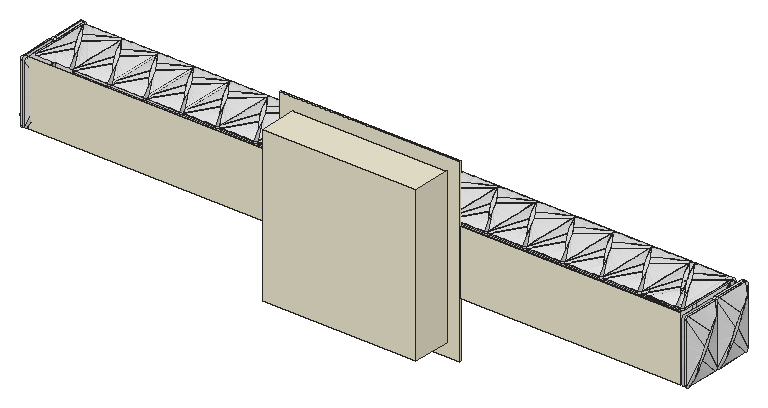
Revit family "3-573-15 Elan", category Luminarias, Revit 2021
Family settings
  Anfitrión = Muro
  Cota de conector redondo = Diámetro de uso
  Tipo de pieza = Normal
  Número OmniClass = 23.80.70.00
  Título OmniClass = Lighting
  Siempre vertical = Sí
  Corte con vacíos al cargar = No
  Origen de luz = Sí
  Compartido = No
  Punto de cálculo de habitación = No
Parameters (values of type "3-xx-24 / Satin Nickel - Matte White Acrylic")
  Elevación por defecto = 0.00"
  Comentarios de vataje = "1 x 10.33 W at 120 V"  # constant formula
  Wattage = 10.33 W
  built-in parameter 1150110 = 1 (stored number, unit not read)
  Voltage Input = "120 V or 277 V - 50/60 Hz"  # constant formula
  Voltage = 120 V
  URL = "www.oxygenlighting.com"
  built-in parameter 1114217 = 1 (stored number, unit not read)
  Tilt Angle = 0.00°
  built-in parameter 1150109 = 1 (stored number, unit not read)
  built-in parameter 1150134 = (empty or 0)
  built-in parameter 1150113 = 1 (stored number, unit not read)
  References = "Ref. 3 = 120 V / Ref. 37 = 277 V"  # constant formula
  Archivo de red fotométrica = "3-573-15 Elan.ies"
  Modelo = "3-xx-xx / Elan"  # constant formula
  Metal Finish = 24 - Satin Nickel
  Fabricante = "Oxygen Lighting and Fans"  # constant formula
  Lumens = 754.09 lm
  built-in parameter 1150115 = 1 (stored number, unit not read)
  built-in parameter 1150105 = 60.009 (stored number, unit not read)
  built-in parameter 1150137 = (empty or 0)
  built-in parameter 1150139 = (empty or 0)
  built-in parameter 1150112 = 1 (stored number, unit not read)
  built-in parameter 1150114 = 1 (stored number, unit not read)
  Lámpara = "LED Array"  # constant formula
  built-in parameter 1150132 = (empty or 0)
  built-in parameter 1150102 = (empty or 0)
  built-in parameter 1150138 = (empty or 0)
  built-in parameter 1150107 = 3000 (stored number, unit not read)
  built-in parameter 1150106 = 0.60009 (stored number, unit not read)
  built-in parameter 1150104 = 6.7819 (stored number, unit not read)
  Dimming Lamp Color Temperature Shift = (empty or 0)
  Diffusers = Matte White Acrylic
  Color Filter = 16777215
  built-in parameter 1114218 = 1 (stored number, unit not read)
  built-in parameter 1150133 = 10 (stored number, unit not read)
Reference planes (in)
  plane 1: y = 0
  plane 2 "Light Source Axis (L/R)": x = 4.92126
  plane 3 "Light Source Axis (F/R)": y = 4.79776
  plane 4 "Light Source Elevation": z = 39
  plane 5: y = 2.95276
  plane 6: z = 41.75
Text (in)
  text "Placement side" at (-70.3598, 43.96769, 0), in view "Ref. Level"
  text "Placement side" at (0, 83.08644, 117.56134), in view "Left"
  text "Placement side" at (0, 24.74324, 118.58137), in view "Right"
Dimensions and locks (in)
  locked: plane 3 "Light Source Axis (F/R)" to plane 5 at 1.845
  locked: plane 6 to plane 4 "Light Source Elevation" at 2.75
  aligned and locked: plane 1 to host wall
  aligned and locked: plane 5 to host wall
  aligned and locked: plane 5 to nested 1
  aligned and locked: plane 3 "Light Source Axis (F/R)" to imposter light
  aligned and locked: nested 1 to plane 4 "Light Source Elevation"
  aligned and locked: plane 6 to imposter light
Nested families (in)
  nested 1: "Family2" at (4.92126, 2.95276, 41.75591) x (-1, 0, 0) z (0, 0, 1), type "Family2"
Definition of nested family "Family2"
  Parameters (values of type "Family2")
    Metal Finish 2 = none
    Metal Finish 1 = none
    Height = 10.00"
    Default Elevation = 0.00"
    Diffuser = none
  Reference planes (in)
    plane 1 "Center (Front/Back)": y = 0
    plane 2: z = 0
    plane 3 "Center (Left/Right)": x = 0
  Forms (in)
    Extrusion 1, solid, material <- "Metal Finish 1"
      sketch origin (0, 0, 0) x (1, 0, 0) y (0, 0, 1)
        loop
          line (-2.75591, 2.75591) -> (-2.75591, -2.75591) -> (2.75591, -2.75591) -> (2.75591, 2.75591) -> (-2.75591, 2.75591)
      from 1.22 to 1.18
    Extrusion 2, solid, material <- "Metal Finish 1"
      sketch origin (0, 0, 0) x (1, 0, 0) y (0, 0, 1)
        loop
          line (-2.3622, 2.3622) -> (-2.3622, -2.3622) -> (2.3622, -2.3622) -> (2.3622, 2.3622) -> (-2.3622, 2.3622)
      from 0 to 1.18
    Blend 3, solid, material <- "Diffuser"
      base sketch origin (-2.49016, 0, 0) x (1, 0, 0) y (0, 0, 1)
        loop
          arc (-5.90551, 0.90551) -> (-5.92857, 0.96119) -> (-5.98425, 0.98425) r 0.07874
          line (-5.98425, 0.98425) -> (-7.00787, 0.98425)
          arc (-7.00787, 0.98425) -> (-7.06355, 0.96119) -> (-7.08661, 0.90551) r 0.07874
          line (-7.08661, 0.90551) -> (-7.08661, -0.90551)
          arc (-7.08661, -0.90551) -> (-7.06355, -0.96119) -> (-7.00787, -0.98425) r 0.07874
          line (-7.00787, -0.98425) -> (-5.98425, -0.98425)
          arc (-5.98425, -0.98425) -> (-5.92857, -0.96119) -> (-5.90551, -0.90551) r 0.07874
          line (-5.90551, -0.90551) -> (-5.90551, 0.90551)
      top sketch origin (-2.49016, 0, 0) x (1, 0, 0) y (0, 0, 1)
        loop
          line (-6.89899, 0.68245) -> (-6.71635, 0.29079) -> (-6.53621, -0.05852) -> (-6.35588, -0.33357) -> (-6.0667, -0.72725) -> (-6.27171, -0.28388) -> (-6.43166, 0.00863) -> (-6.64427, 0.33334) -> (-6.89899, 0.68245)
      from 3.31463 to 3.45242
    Extrusion 4, solid, material <- "Diffuser"
      sketch origin (-2.49016, 0, 0) x (1, 0, 0) y (0, 0, 1)
        loop
          arc (-5.90551, 0.90551) -> (-5.92857, 0.96119) -> (-5.98425, 0.98425) r 0.07874
          line (-5.98425, 0.98425) -> (-7.00787, 0.98425)
          arc (-7.00787, 0.98425) -> (-7.06355, 0.96119) -> (-7.08661, 0.90551) r 0.07874
          line (-7.08661, 0.90551) -> (-7.08661, -0.90551)
          arc (-7.08661, -0.90551) -> (-7.06355, -0.96119) -> (-7.00787, -0.98425) r 0.07874
          line (-7.00787, -0.98425) -> (-5.98425, -0.98425)
          arc (-5.98425, -0.98425) -> (-5.92857, -0.96119) -> (-5.90551, -0.90551) r 0.07874
          line (-5.90551, -0.90551) -> (-5.90551, 0.90551)
      from 3.25557 to 3.31463
    Blend 5, solid, material <- "Diffuser"
      base sketch origin (1.1811, 0, 0) x (1, 0, 0) y (0, 0, 1)
        loop
          arc (-5.90551, 0.90551) -> (-5.92857, 0.96119) -> (-5.98425, 0.98425) r 0.07874
          line (-5.98425, 0.98425) -> (-7.00787, 0.98425)
          arc (-7.00787, 0.98425) -> (-7.06355, 0.96119) -> (-7.08661, 0.90551) r 0.07874
          line (-7.08661, 0.90551) -> (-7.08661, -0.90551)
          arc (-7.08661, -0.90551) -> (-7.06355, -0.96119) -> (-7.00787, -0.98425) r 0.07874
          line (-7.00787, -0.98425) -> (-5.98425, -0.98425)
          arc (-5.98425, -0.98425) -> (-5.92857, -0.96119) -> (-5.90551, -0.90551) r 0.07874
          line (-5.90551, -0.90551) -> (-5.90551, 0.90551)
      top sketch origin (1.1811, 0, 0) x (1, 0, 0) y (0, 0, 1)
        loop
          line (-6.89899, 0.68245) -> (-6.71635, 0.29079) -> (-6.53621, -0.05852) -> (-6.35588, -0.33357) -> (-6.0667, -0.72725) -> (-6.27171, -0.28388) -> (-6.43166, 0.00863) -> (-6.64427, 0.33334) -> (-6.89899, 0.68245)
      from 3.31463 to 3.45242
    Extrusion 6, solid, material <- "Diffuser"
      sketch origin (1.1811, 0, 0) x (1, 0, 0) y (0, 0, 1)
        loop
          arc (-5.90551, 0.90551) -> (-5.92857, 0.96119) -> (-5.98425, 0.98425) r 0.07874
          line (-5.98425, 0.98425) -> (-7.00787, 0.98425)
          arc (-7.00787, 0.98425) -> (-7.06355, 0.96119) -> (-7.08661, 0.90551) r 0.07874
          line (-7.08661, 0.90551) -> (-7.08661, -0.90551)
          arc (-7.08661, -0.90551) -> (-7.06355, -0.96119) -> (-7.00787, -0.98425) r 0.07874
          line (-7.00787, -0.98425) -> (-5.98425, -0.98425)
          arc (-5.98425, -0.98425) -> (-5.92857, -0.96119) -> (-5.90551, -0.90551) r 0.07874
          line (-5.90551, -0.90551) -> (-5.90551, 0.90551)
      from 3.25557 to 3.31463
    Blend 7, solid, material <- "Diffuser"
      base sketch origin (2.3622, 0, 0) x (1, 0, 0) y (0, 0, 1)
        loop
          arc (-5.90551, 0.90551) -> (-5.92857, 0.96119) -> (-5.98425, 0.98425) r 0.07874
          line (-5.98425, 0.98425) -> (-7.00787, 0.98425)
          arc (-7.00787, 0.98425) -> (-7.06355, 0.96119) -> (-7.08661, 0.90551) r 0.07874
          line (-7.08661, 0.90551) -> (-7.08661, -0.90551)
          arc (-7.08661, -0.90551) -> (-7.06355, -0.96119) -> (-7.00787, -0.98425) r 0.07874
          line (-7.00787, -0.98425) -> (-5.98425, -0.98425)
          arc (-5.98425, -0.98425) -> (-5.92857, -0.96119) -> (-5.90551, -0.90551) r 0.07874
          line (-5.90551, -0.90551) -> (-5.90551, 0.90551)
      top sketch origin (2.3622, 0, 0) x (1, 0, 0) y (0, 0, 1)
        loop
          line (-6.89899, 0.68245) -> (-6.71635, 0.29079) -> (-6.53621, -0.05852) -> (-6.35588, -0.33357) -> (-6.0667, -0.72725) -> (-6.27171, -0.28388) -> (-6.43166, 0.00863) -> (-6.64427, 0.33334) -> (-6.89899, 0.68245)
      from 3.31463 to 3.45242
    Extrusion 8, solid, material <- "Diffuser"
      sketch origin (2.3622, 0, 0) x (1, 0, 0) y (0, 0, 1)
        loop
          arc (-5.90551, 0.90551) -> (-5.92857, 0.96119) -> (-5.98425, 0.98425) r 0.07874
          line (-5.98425, 0.98425) -> (-7.00787, 0.98425)
          arc (-7.00787, 0.98425) -> (-7.06355, 0.96119) -> (-7.08661, 0.90551) r 0.07874
          line (-7.08661, 0.90551) -> (-7.08661, -0.90551)
          arc (-7.08661, -0.90551) -> (-7.06355, -0.96119) -> (-7.00787, -0.98425) r 0.07874
          line (-7.00787, -0.98425) -> (-5.98425, -0.98425)
          arc (-5.98425, -0.98425) -> (-5.92857, -0.96119) -> (-5.90551, -0.90551) r 0.07874
          line (-5.90551, -0.90551) -> (-5.90551, 0.90551)
      from 3.25557 to 3.31463
    Blend 9, solid, material <- "Diffuser"
      base sketch origin (3.54331, 0, 0) x (1, 0, 0) y (0, 0, 1)
        loop
          arc (-5.90551, 0.90551) -> (-5.92857, 0.96119) -> (-5.98425, 0.98425) r 0.07874
          line (-5.98425, 0.98425) -> (-7.00787, 0.98425)
          arc (-7.00787, 0.98425) -> (-7.06355, 0.96119) -> (-7.08661, 0.90551) r 0.07874
          line (-7.08661, 0.90551) -> (-7.08661, -0.90551)
          arc (-7.08661, -0.90551) -> (-7.06355, -0.96119) -> (-7.00787, -0.98425) r 0.07874
          line (-7.00787, -0.98425) -> (-5.98425, -0.98425)
          arc (-5.98425, -0.98425) -> (-5.92857, -0.96119) -> (-5.90551, -0.90551) r 0.07874
          line (-5.90551, -0.90551) -> (-5.90551, 0.90551)
      top sketch origin (3.54331, 0, 0) x (1, 0, 0) y (0, 0, 1)
        loop
          line (-6.89899, 0.68245) -> (-6.71635, 0.29079) -> (-6.53621, -0.05852) -> (-6.35588, -0.33357) -> (-6.0667, -0.72725) -> (-6.27171, -0.28388) -> (-6.43166, 0.00863) -> (-6.64427, 0.33334) -> (-6.89899, 0.68245)
      from 3.31463 to 3.45242
    Extrusion 10, solid, material <- "Diffuser"
      sketch origin (3.54331, 0, 0) x (1, 0, 0) y (0, 0, 1)
        loop
          arc (-5.90551, 0.90551) -> (-5.92857, 0.96119) -> (-5.98425, 0.98425) r 0.07874
          line (-5.98425, 0.98425) -> (-7.00787, 0.98425)
          arc (-7.00787, 0.98425) -> (-7.06355, 0.96119) -> (-7.08661, 0.90551) r 0.07874
          line (-7.08661, 0.90551) -> (-7.08661, -0.90551)
          arc (-7.08661, -0.90551) -> (-7.06355, -0.96119) -> (-7.00787, -0.98425) r 0.07874
          line (-7.00787, -0.98425) -> (-5.98425, -0.98425)
          arc (-5.98425, -0.98425) -> (-5.92857, -0.96119) -> (-5.90551, -0.90551) r 0.07874
          line (-5.90551, -0.90551) -> (-5.90551, 0.90551)
      from 3.25557 to 3.31463
    Blend 11, solid, material <- "Diffuser"
      base sketch origin (4.72441, 0, 0) x (1, 0, 0) y (0, 0, 1)
        loop
          arc (-5.90551, 0.90551) -> (-5.92857, 0.96119) -> (-5.98425, 0.98425) r 0.07874
          line (-5.98425, 0.98425) -> (-7.00787, 0.98425)
          arc (-7.00787, 0.98425) -> (-7.06355, 0.96119) -> (-7.08661, 0.90551) r 0.07874
          line (-7.08661, 0.90551) -> (-7.08661, -0.90551)
          arc (-7.08661, -0.90551) -> (-7.06355, -0.96119) -> (-7.00787, -0.98425) r 0.07874
          line (-7.00787, -0.98425) -> (-5.98425, -0.98425)
          arc (-5.98425, -0.98425) -> (-5.92857, -0.96119) -> (-5.90551, -0.90551) r 0.07874
          line (-5.90551, -0.90551) -> (-5.90551, 0.90551)
      top sketch origin (4.72441, 0, 0) x (1, 0, 0) y (0, 0, 1)
        loop
          line (-6.89899, 0.68245) -> (-6.71635, 0.29079) -> (-6.53621, -0.05852) -> (-6.35588, -0.33357) -> (-6.0667, -0.72725) -> (-6.27171, -0.28388) -> (-6.43166, 0.00863) -> (-6.64427, 0.33334) -> (-6.89899, 0.68245)
      from 3.31463 to 3.45242
    Extrusion 12, solid, material <- "Diffuser"
      sketch origin (4.72441, 0, 0) x (1, 0, 0) y (0, 0, 1)
        loop
          arc (-5.90551, 0.90551) -> (-5.92857, 0.96119) -> (-5.98425, 0.98425) r 0.07874
          line (-5.98425, 0.98425) -> (-7.00787, 0.98425)
          arc (-7.00787, 0.98425) -> (-7.06355, 0.96119) -> (-7.08661, 0.90551) r 0.07874
          line (-7.08661, 0.90551) -> (-7.08661, -0.90551)
          arc (-7.08661, -0.90551) -> (-7.06355, -0.96119) -> (-7.00787, -0.98425) r 0.07874
          line (-7.00787, -0.98425) -> (-5.98425, -0.98425)
          arc (-5.98425, -0.98425) -> (-5.92857, -0.96119) -> (-5.90551, -0.90551) r 0.07874
          line (-5.90551, -0.90551) -> (-5.90551, 0.90551)
      from 3.25557 to 3.31463
    Blend 13, solid, material <- "Diffuser"
      base sketch origin (5.90551, 0, 0) x (1, 0, 0) y (0, 0, 1)
        loop
          arc (-5.90551, 0.90551) -> (-5.92857, 0.96119) -> (-5.98425, 0.98425) r 0.07874
          line (-5.98425, 0.98425) -> (-7.00787, 0.98425)
          arc (-7.00787, 0.98425) -> (-7.06355, 0.96119) -> (-7.08661, 0.90551) r 0.07874
          line (-7.08661, 0.90551) -> (-7.08661, -0.90551)
          arc (-7.08661, -0.90551) -> (-7.06355, -0.96119) -> (-7.00787, -0.98425) r 0.07874
          line (-7.00787, -0.98425) -> (-5.98425, -0.98425)
          arc (-5.98425, -0.98425) -> (-5.92857, -0.96119) -> (-5.90551, -0.90551) r 0.07874
          line (-5.90551, -0.90551) -> (-5.90551, 0.90551)
      top sketch origin (5.90551, 0, 0) x (1, 0, 0) y (0, 0, 1)
        loop
          line (-6.89899, 0.68245) -> (-6.71635, 0.29079) -> (-6.53621, -0.05852) -> (-6.35588, -0.33357) -> (-6.0667, -0.72725) -> (-6.27171, -0.28388) -> (-6.43166, 0.00863) -> (-6.64427, 0.33334) -> (-6.89899, 0.68245)
      from 3.31463 to 3.45242
    Extrusion 14, solid, material <- "Diffuser"
      sketch origin (5.90551, 0, 0) x (1, 0, 0) y (0, 0, 1)
        loop
          arc (-5.90551, 0.90551) -> (-5.92857, 0.96119) -> (-5.98425, 0.98425) r 0.07874
          line (-5.98425, 0.98425) -> (-7.00787, 0.98425)
          arc (-7.00787, 0.98425) -> (-7.06355, 0.96119) -> (-7.08661, 0.90551) r 0.07874
          line (-7.08661, 0.90551) -> (-7.08661, -0.90551)
          arc (-7.08661, -0.90551) -> (-7.06355, -0.96119) -> (-7.00787, -0.98425) r 0.07874
          line (-7.00787, -0.98425) -> (-5.98425, -0.98425)
          arc (-5.98425, -0.98425) -> (-5.92857, -0.96119) -> (-5.90551, -0.90551) r 0.07874
          line (-5.90551, -0.90551) -> (-5.90551, 0.90551)
      from 3.25557 to 3.31463
    Blend 15, solid, material <- "Diffuser"
      base sketch origin (7.08661, 0, 0) x (1, 0, 0) y (0, 0, 1)
        loop
          arc (-5.90551, 0.90551) -> (-5.92857, 0.96119) -> (-5.98425, 0.98425) r 0.07874
          line (-5.98425, 0.98425) -> (-7.00787, 0.98425)
          arc (-7.00787, 0.98425) -> (-7.06355, 0.96119) -> (-7.08661, 0.90551) r 0.07874
          line (-7.08661, 0.90551) -> (-7.08661, -0.90551)
          arc (-7.08661, -0.90551) -> (-7.06355, -0.96119) -> (-7.00787, -0.98425) r 0.07874
          line (-7.00787, -0.98425) -> (-5.98425, -0.98425)
          arc (-5.98425, -0.98425) -> (-5.92857, -0.96119) -> (-5.90551, -0.90551) r 0.07874
          line (-5.90551, -0.90551) -> (-5.90551, 0.90551)
      top sketch origin (7.08661, 0, 0) x (1, 0, 0) y (0, 0, 1)
        loop
          line (-6.89899, 0.68245) -> (-6.71635, 0.29079) -> (-6.53621, -0.05852) -> (-6.35588, -0.33357) -> (-6.0667, -0.72725) -> (-6.27171, -0.28388) -> (-6.43166, 0.00863) -> (-6.64427, 0.33334) -> (-6.89899, 0.68245)
      from 3.31463 to 3.45242
    Extrusion 16, solid, material <- "Diffuser"
      sketch origin (7.08661, 0, 0) x (1, 0, 0) y (0, 0, 1)
        loop
          arc (-5.90551, 0.90551) -> (-5.92857, 0.96119) -> (-5.98425, 0.98425) r 0.07874
          line (-5.98425, 0.98425) -> (-7.00787, 0.98425)
          arc (-7.00787, 0.98425) -> (-7.06355, 0.96119) -> (-7.08661, 0.90551) r 0.07874
          line (-7.08661, 0.90551) -> (-7.08661, -0.90551)
          arc (-7.08661, -0.90551) -> (-7.06355, -0.96119) -> (-7.00787, -0.98425) r 0.07874
          line (-7.00787, -0.98425) -> (-5.98425, -0.98425)
          arc (-5.98425, -0.98425) -> (-5.92857, -0.96119) -> (-5.90551, -0.90551) r 0.07874
          line (-5.90551, -0.90551) -> (-5.90551, 0.90551)
      from 3.25557 to 3.31463
    Blend 17, solid, material <- "Diffuser"
      base sketch origin (8.26772, 0, 0) x (1, 0, 0) y (0, 0, 1)
        loop
          arc (-5.90551, 0.90551) -> (-5.92857, 0.96119) -> (-5.98425, 0.98425) r 0.07874
          line (-5.98425, 0.98425) -> (-7.00787, 0.98425)
          arc (-7.00787, 0.98425) -> (-7.06355, 0.96119) -> (-7.08661, 0.90551) r 0.07874
          line (-7.08661, 0.90551) -> (-7.08661, -0.90551)
          arc (-7.08661, -0.90551) -> (-7.06355, -0.96119) -> (-7.00787, -0.98425) r 0.07874
          line (-7.00787, -0.98425) -> (-5.98425, -0.98425)
          arc (-5.98425, -0.98425) -> (-5.92857, -0.96119) -> (-5.90551, -0.90551) r 0.07874
          line (-5.90551, -0.90551) -> (-5.90551, 0.90551)
      top sketch origin (8.26772, 0, 0) x (1, 0, 0) y (0, 0, 1)
        loop
          line (-6.89899, 0.68245) -> (-6.71635, 0.29079) -> (-6.53621, -0.05852) -> (-6.35588, -0.33357) -> (-6.0667, -0.72725) -> (-6.27171, -0.28388) -> (-6.43166, 0.00863) -> (-6.64427, 0.33334) -> (-6.89899, 0.68245)
      from 3.31463 to 3.45242
    Extrusion 18, solid, material <- "Diffuser"
      sketch origin (8.26772, 0, 0) x (1, 0, 0) y (0, 0, 1)
        loop
          arc (-5.90551, 0.90551) -> (-5.92857, 0.96119) -> (-5.98425, 0.98425) r 0.07874
          line (-5.98425, 0.98425) -> (-7.00787, 0.98425)
          arc (-7.00787, 0.98425) -> (-7.06355, 0.96119) -> (-7.08661, 0.90551) r 0.07874
          line (-7.08661, 0.90551) -> (-7.08661, -0.90551)
          arc (-7.08661, -0.90551) -> (-7.06355, -0.96119) -> (-7.00787, -0.98425) r 0.07874
          line (-7.00787, -0.98425) -> (-5.98425, -0.98425)
          arc (-5.98425, -0.98425) -> (-5.92857, -0.96119) -> (-5.90551, -0.90551) r 0.07874
          line (-5.90551, -0.90551) -> (-5.90551, 0.90551)
      from 3.25557 to 3.31463
    Blend 19, solid, material <- "Diffuser"
      base sketch origin (9.44882, 0, 0) x (1, 0, 0) y (0, 0, 1)
        loop
          arc (-5.90551, 0.90551) -> (-5.92857, 0.96119) -> (-5.98425, 0.98425) r 0.07874
          line (-5.98425, 0.98425) -> (-7.00787, 0.98425)
          arc (-7.00787, 0.98425) -> (-7.06355, 0.96119) -> (-7.08661, 0.90551) r 0.07874
          line (-7.08661, 0.90551) -> (-7.08661, -0.90551)
          arc (-7.08661, -0.90551) -> (-7.06355, -0.96119) -> (-7.00787, -0.98425) r 0.07874
          line (-7.00787, -0.98425) -> (-5.98425, -0.98425)
          arc (-5.98425, -0.98425) -> (-5.92857, -0.96119) -> (-5.90551, -0.90551) r 0.07874
          line (-5.90551, -0.90551) -> (-5.90551, 0.90551)
      top sketch origin (9.44882, 0, 0) x (1, 0, 0) y (0, 0, 1)
        loop
          line (-6.89899, 0.68245) -> (-6.71635, 0.29079) -> (-6.53621, -0.05852) -> (-6.35588, -0.33357) -> (-6.0667, -0.72725) -> (-6.27171, -0.28388) -> (-6.43166, 0.00863) -> (-6.64427, 0.33334) -> (-6.89899, 0.68245)
      from 3.31463 to 3.45242
    Extrusion 20, solid, material <- "Diffuser"
      sketch origin (9.44882, 0, 0) x (1, 0, 0) y (0, 0, 1)
        loop
          arc (-5.90551, 0.90551) -> (-5.92857, 0.96119) -> (-5.98425, 0.98425) r 0.07874
          line (-5.98425, 0.98425) -> (-7.00787, 0.98425)
          arc (-7.00787, 0.98425) -> (-7.06355, 0.96119) -> (-7.08661, 0.90551) r 0.07874
          line (-7.08661, 0.90551) -> (-7.08661, -0.90551)
          arc (-7.08661, -0.90551) -> (-7.06355, -0.96119) -> (-7.00787, -0.98425) r 0.07874
          line (-7.00787, -0.98425) -> (-5.98425, -0.98425)
          arc (-5.98425, -0.98425) -> (-5.92857, -0.96119) -> (-5.90551, -0.90551) r 0.07874
          line (-5.90551, -0.90551) -> (-5.90551, 0.90551)
      from 3.25557 to 3.31463
    Blend 21, solid, material <- "Diffuser"
      base sketch origin (10.62992, 0, 0) x (1, 0, 0) y (0, 0, 1)
        loop
          arc (-5.90551, 0.90551) -> (-5.92857, 0.96119) -> (-5.98425, 0.98425) r 0.07874
          line (-5.98425, 0.98425) -> (-7.00787, 0.98425)
          arc (-7.00787, 0.98425) -> (-7.06355, 0.96119) -> (-7.08661, 0.90551) r 0.07874
          line (-7.08661, 0.90551) -> (-7.08661, -0.90551)
          arc (-7.08661, -0.90551) -> (-7.06355, -0.96119) -> (-7.00787, -0.98425) r 0.07874
          line (-7.00787, -0.98425) -> (-5.98425, -0.98425)
          arc (-5.98425, -0.98425) -> (-5.92857, -0.96119) -> (-5.90551, -0.90551) r 0.07874
          line (-5.90551, -0.90551) -> (-5.90551, 0.90551)
      top sketch origin (10.62992, 0, 0) x (1, 0, 0) y (0, 0, 1)
        loop
          line (-6.89899, 0.68245) -> (-6.71635, 0.29079) -> (-6.53621, -0.05852) -> (-6.35588, -0.33357) -> (-6.0667, -0.72725) -> (-6.27171, -0.28388) -> (-6.43166, 0.00863) -> (-6.64427, 0.33334) -> (-6.89899, 0.68245)
      from 3.31463 to 3.45242
    Extrusion 22, solid, material <- "Diffuser"
      sketch origin (10.62992, 0, 0) x (1, 0, 0) y (0, 0, 1)
        loop
          arc (-5.90551, 0.90551) -> (-5.92857, 0.96119) -> (-5.98425, 0.98425) r 0.07874
          line (-5.98425, 0.98425) -> (-7.00787, 0.98425)
          arc (-7.00787, 0.98425) -> (-7.06355, 0.96119) -> (-7.08661, 0.90551) r 0.07874
          line (-7.08661, 0.90551) -> (-7.08661, -0.90551)
          arc (-7.08661, -0.90551) -> (-7.06355, -0.96119) -> (-7.00787, -0.98425) r 0.07874
          line (-7.00787, -0.98425) -> (-5.98425, -0.98425)
          arc (-5.98425, -0.98425) -> (-5.92857, -0.96119) -> (-5.90551, -0.90551) r 0.07874
          line (-5.90551, -0.90551) -> (-5.90551, 0.90551)
      from 3.25557 to 3.31463
    Blend 23, solid, material <- "Diffuser"
      base sketch origin (11.81102, 0, 0) x (1, 0, 0) y (0, 0, 1)
        loop
          arc (-5.90551, 0.90551) -> (-5.92857, 0.96119) -> (-5.98425, 0.98425) r 0.07874
          line (-5.98425, 0.98425) -> (-7.00787, 0.98425)
          arc (-7.00787, 0.98425) -> (-7.06355, 0.96119) -> (-7.08661, 0.90551) r 0.07874
          line (-7.08661, 0.90551) -> (-7.08661, -0.90551)
          arc (-7.08661, -0.90551) -> (-7.06355, -0.96119) -> (-7.00787, -0.98425) r 0.07874
          line (-7.00787, -0.98425) -> (-5.98425, -0.98425)
          arc (-5.98425, -0.98425) -> (-5.92857, -0.96119) -> (-5.90551, -0.90551) r 0.07874
          line (-5.90551, -0.90551) -> (-5.90551, 0.90551)
      top sketch origin (11.81102, 0, 0) x (1, 0, 0) y (0, 0, 1)
        loop
          line (-6.89899, 0.68245) -> (-6.71635, 0.29079) -> (-6.53621, -0.05852) -> (-6.35588, -0.33357) -> (-6.0667, -0.72725) -> (-6.27171, -0.28388) -> (-6.43166, 0.00863) -> (-6.64427, 0.33334) -> (-6.89899, 0.68245)
      from 3.31463 to 3.45242
    Extrusion 24, solid, material <- "Diffuser"
      sketch origin (11.81102, 0, 0) x (1, 0, 0) y (0, 0, 1)
        loop
          arc (-5.90551, 0.90551) -> (-5.92857, 0.96119) -> (-5.98425, 0.98425) r 0.07874
          line (-5.98425, 0.98425) -> (-7.00787, 0.98425)
          arc (-7.00787, 0.98425) -> (-7.06355, 0.96119) -> (-7.08661, 0.90551) r 0.07874
          line (-7.08661, 0.90551) -> (-7.08661, -0.90551)
          arc (-7.08661, -0.90551) -> (-7.06355, -0.96119) -> (-7.00787, -0.98425) r 0.07874
          line (-7.00787, -0.98425) -> (-5.98425, -0.98425)
          arc (-5.98425, -0.98425) -> (-5.92857, -0.96119) -> (-5.90551, -0.90551) r 0.07874
          line (-5.90551, -0.90551) -> (-5.90551, 0.90551)
      from 3.25557 to 3.31463
    Blend 25, solid, material <- "Diffuser"
      base sketch origin (16.29921, 0, 0) x (1, 0, 0) y (0, 0, 1)
        loop
          arc (-5.90551, 0.90551) -> (-5.92857, 0.96119) -> (-5.98425, 0.98425) r 0.07874
          line (-5.98425, 0.98425) -> (-7.00787, 0.98425)
          arc (-7.00787, 0.98425) -> (-7.06355, 0.96119) -> (-7.08661, 0.90551) r 0.07874
          line (-7.08661, 0.90551) -> (-7.08661, -0.90551)
          arc (-7.08661, -0.90551) -> (-7.06355, -0.96119) -> (-7.00787, -0.98425) r 0.07874
          line (-7.00787, -0.98425) -> (-5.98425, -0.98425)
          arc (-5.98425, -0.98425) -> (-5.92857, -0.96119) -> (-5.90551, -0.90551) r 0.07874
          line (-5.90551, -0.90551) -> (-5.90551, 0.90551)
      top sketch origin (16.29921, 0, 0) x (1, 0, 0) y (0, 0, 1)
        loop
          line (-6.89899, 0.68245) -> (-6.71635, 0.29079) -> (-6.53621, -0.05852) -> (-6.35588, -0.33357) -> (-6.0667, -0.72725) -> (-6.27171, -0.28388) -> (-6.43166, 0.00863) -> (-6.64427, 0.33334) -> (-6.89899, 0.68245)
      from 3.31463 to 3.45242
    Blend 26, solid, material <- "Diffuser"
      base sketch origin (7.34561, 3.65083, 0) x (0, 1, 0) y (0, 0, 1)
        loop
          arc (-5.90551, 0.90551) -> (-5.92857, 0.96119) -> (-5.98425, 0.98425) r 0.07874
          line (-5.98425, 0.98425) -> (-7.00787, 0.98425)
          arc (-7.00787, 0.98425) -> (-7.06355, 0.96119) -> (-7.08661, 0.90551) r 0.07874
          line (-7.08661, 0.90551) -> (-7.08661, -0.90551)
          arc (-7.08661, -0.90551) -> (-7.06355, -0.96119) -> (-7.00787, -0.98425) r 0.07874
          line (-7.00787, -0.98425) -> (-5.98425, -0.98425)
          arc (-5.98425, -0.98425) -> (-5.92857, -0.96119) -> (-5.90551, -0.90551) r 0.07874
          line (-5.90551, -0.90551) -> (-5.90551, 0.90551)
      top sketch origin (7.34561, 3.65083, 0) x (0, 1, 0) y (0, 0, 1)
        loop
          line (-6.89899, 0.68245) -> (-6.71635, 0.29079) -> (-6.53621, -0.05852) -> (-6.35588, -0.33357) -> (-6.0667, -0.72725) -> (-6.27171, -0.28388) -> (-6.43166, 0.00863) -> (-6.64427, 0.33334) -> (-6.89899, 0.68245)
      from 3.31463 to 3.45242
    Blend 27, solid, material <- "Diffuser"
      base sketch origin (7.34561, 4.83194, 0) x (0, 1, 0) y (0, 0, 1)
        loop
          arc (-5.90551, 0.90551) -> (-5.92857, 0.96119) -> (-5.98425, 0.98425) r 0.07874
          line (-5.98425, 0.98425) -> (-7.00787, 0.98425)
          arc (-7.00787, 0.98425) -> (-7.06355, 0.96119) -> (-7.08661, 0.90551) r 0.07874
          line (-7.08661, 0.90551) -> (-7.08661, -0.90551)
          arc (-7.08661, -0.90551) -> (-7.06355, -0.96119) -> (-7.00787, -0.98425) r 0.07874
          line (-7.00787, -0.98425) -> (-5.98425, -0.98425)
          arc (-5.98425, -0.98425) -> (-5.92857, -0.96119) -> (-5.90551, -0.90551) r 0.07874
          line (-5.90551, -0.90551) -> (-5.90551, 0.90551)
      top sketch origin (7.34561, 4.83194, 0) x (0, 1, 0) y (0, 0, 1)
        loop
          line (-6.89899, 0.68245) -> (-6.71635, 0.29079) -> (-6.53621, -0.05852) -> (-6.35588, -0.33357) -> (-6.0667, -0.72725) -> (-6.27171, -0.28388) -> (-6.43166, 0.00863) -> (-6.64427, 0.33334) -> (-6.89899, 0.68245)
      from 3.31463 to 3.45242
    Extrusion 28, solid, material <- "Diffuser"
      sketch origin (7.34561, 3.65083, 0) x (0, 1, 0) y (0, 0, 1)
        loop
          arc (-5.90551, 0.90551) -> (-5.92857, 0.96119) -> (-5.98425, 0.98425) r 0.07874
          line (-5.98425, 0.98425) -> (-7.00787, 0.98425)
          arc (-7.00787, 0.98425) -> (-7.06355, 0.96119) -> (-7.08661, 0.90551) r 0.07874
          line (-7.08661, 0.90551) -> (-7.08661, -0.90551)
          arc (-7.08661, -0.90551) -> (-7.06355, -0.96119) -> (-7.00787, -0.98425) r 0.07874
          line (-7.00787, -0.98425) -> (-5.98425, -0.98425)
          arc (-5.98425, -0.98425) -> (-5.92857, -0.96119) -> (-5.90551, -0.90551) r 0.07874
          line (-5.90551, -0.90551) -> (-5.90551, 0.90551)
      from 3.25557 to 3.31463
    Extrusion 29, solid, material <- "Diffuser"
      sketch origin (7.34561, 4.83194, 0) x (0, 1, 0) y (0, 0, 1)
        loop
          arc (-5.90551, 0.90551) -> (-5.92857, 0.96119) -> (-5.98425, 0.98425) r 0.07874
          line (-5.98425, 0.98425) -> (-7.00787, 0.98425)
          arc (-7.00787, 0.98425) -> (-7.06355, 0.96119) -> (-7.08661, 0.90551) r 0.07874
          line (-7.08661, 0.90551) -> (-7.08661, -0.90551)
          arc (-7.08661, -0.90551) -> (-7.06355, -0.96119) -> (-7.00787, -0.98425) r 0.07874
          line (-7.00787, -0.98425) -> (-5.98425, -0.98425)
          arc (-5.98425, -0.98425) -> (-5.92857, -0.96119) -> (-5.90551, -0.90551) r 0.07874
          line (-5.90551, -0.90551) -> (-5.90551, 0.90551)
      from 3.25557 to 3.31463
    Blend 30, solid, material <- "Diffuser"
      base sketch origin (13.83443, 3.65083, 0) x (0, 1, 0) y (0, 0, -1)
        loop
          line (-5.90551, -0.90551) -> (-5.90551, 0.90551)
          arc (-5.90551, 0.90551) -> (-5.92857, 0.96119) -> (-5.98425, 0.98425) r 0.07874
          line (-5.98425, 0.98425) -> (-7.00787, 0.98425)
          arc (-7.00787, 0.98425) -> (-7.06355, 0.96119) -> (-7.08661, 0.90551) r 0.07874
          line (-7.08661, 0.90551) -> (-7.08661, -0.90551)
          arc (-7.08661, -0.90551) -> (-7.06355, -0.96119) -> (-7.00787, -0.98425) r 0.07874
          line (-7.00787, -0.98425) -> (-5.98425, -0.98425)
          arc (-5.98425, -0.98425) -> (-5.92857, -0.96119) -> (-5.90551, -0.90551) r 0.07874
      top sketch origin (13.83443, 3.65083, 0) x (0, 1, 0) y (0, 0, -1)
        loop
          line (-6.89899, -0.68245) -> (-6.64427, -0.33334) -> (-6.43166, -0.00863) -> (-6.27171, 0.28388) -> (-6.0667, 0.72725) -> (-6.35588, 0.33357) -> (-6.53621, 0.05852) -> (-6.71635, -0.29079) -> (-6.89899, -0.68245)
      from 3.31463 to 3.45242
    Blend 31, solid, material <- "Diffuser"
      base sketch origin (13.83151, 4.83194, 0) x (0, 1, 0) y (0, 0, -1)
        loop
          line (-5.90551, -0.90551) -> (-5.90551, 0.90551)
          arc (-5.90551, 0.90551) -> (-5.92857, 0.96119) -> (-5.98425, 0.98425) r 0.07874
          line (-5.98425, 0.98425) -> (-7.00787, 0.98425)
          arc (-7.00787, 0.98425) -> (-7.06355, 0.96119) -> (-7.08661, 0.90551) r 0.07874
          line (-7.08661, 0.90551) -> (-7.08661, -0.90551)
          arc (-7.08661, -0.90551) -> (-7.06355, -0.96119) -> (-7.00787, -0.98425) r 0.07874
          line (-7.00787, -0.98425) -> (-5.98425, -0.98425)
          arc (-5.98425, -0.98425) -> (-5.92857, -0.96119) -> (-5.90551, -0.90551) r 0.07874
      top sketch origin (13.83151, 4.83194, 0) x (0, 1, 0) y (0, 0, -1)
        loop
          line (-6.89899, -0.68245) -> (-6.64427, -0.33334) -> (-6.43166, -0.00863) -> (-6.27171, 0.28388) -> (-6.0667, 0.72725) -> (-6.35588, 0.33357) -> (-6.53621, 0.05852) -> (-6.71635, -0.29079) -> (-6.89899, -0.68245)
      from 3.31463 to 3.45242
    Extrusion 32, solid, material <- "Diffuser"
      sketch origin (7.28656, 3.65083, 0) x (0, 1, 0) y (0, 0, 1)
        loop
          arc (-5.90551, 0.90551) -> (-5.92857, 0.96119) -> (-5.98425, 0.98425) r 0.07874
          line (-5.98425, 0.98425) -> (-7.00787, 0.98425)
          arc (-7.00787, 0.98425) -> (-7.06355, 0.96119) -> (-7.08661, 0.90551) r 0.07874
          line (-7.08661, 0.90551) -> (-7.08661, -0.90551)
          arc (-7.08661, -0.90551) -> (-7.06355, -0.96119) -> (-7.00787, -0.98425) r 0.07874
          line (-7.00787, -0.98425) -> (-5.98425, -0.98425)
          arc (-5.98425, -0.98425) -> (-5.92857, -0.96119) -> (-5.90551, -0.90551) r 0.07874
          line (-5.90551, -0.90551) -> (-5.90551, 0.90551)
      from 3.23616 to 3.31463
    Blend 33, solid, material <- "Diffuser"
      base sketch origin (-6.52868, 3.65083, 0) x (0, 1, 0) y (0, 0, -1)
        loop
          line (-5.90551, -0.90551) -> (-5.90551, 0.90551)
          arc (-5.90551, 0.90551) -> (-5.92857, 0.96119) -> (-5.98425, 0.98425) r 0.07874
          line (-5.98425, 0.98425) -> (-7.00787, 0.98425)
          arc (-7.00787, 0.98425) -> (-7.06355, 0.96119) -> (-7.08661, 0.90551) r 0.07874
          line (-7.08661, 0.90551) -> (-7.08661, -0.90551)
          arc (-7.08661, -0.90551) -> (-7.06355, -0.96119) -> (-7.00787, -0.98425) r 0.07874
          line (-7.00787, -0.98425) -> (-5.98425, -0.98425)
          arc (-5.98425, -0.98425) -> (-5.92857, -0.96119) -> (-5.90551, -0.90551) r 0.07874
      top sketch origin (-6.52868, 3.65083, 0) x (0, 1, 0) y (0, 0, -1)
        loop
          line (-6.89899, -0.68245) -> (-6.64427, -0.33334) -> (-6.43166, -0.00863) -> (-6.27171, 0.28388) -> (-6.0667, 0.72725) -> (-6.35588, 0.33357) -> (-6.53621, 0.05852) -> (-6.71635, -0.29079) -> (-6.89899, -0.68245)
      from 3.31463 to 3.45242
    Blend 34, solid, material <- "Diffuser"
      base sketch origin (-6.52868, 4.83194, 0) x (0, 1, 0) y (0, 0, -1)
        loop
          line (-5.90551, -0.90551) -> (-5.90551, 0.90551)
          arc (-5.90551, 0.90551) -> (-5.92857, 0.96119) -> (-5.98425, 0.98425) r 0.07874
          line (-5.98425, 0.98425) -> (-7.00787, 0.98425)
          arc (-7.00787, 0.98425) -> (-7.06355, 0.96119) -> (-7.08661, 0.90551) r 0.07874
          line (-7.08661, 0.90551) -> (-7.08661, -0.90551)
          arc (-7.08661, -0.90551) -> (-7.06355, -0.96119) -> (-7.00787, -0.98425) r 0.07874
          line (-7.00787, -0.98425) -> (-5.98425, -0.98425)
          arc (-5.98425, -0.98425) -> (-5.92857, -0.96119) -> (-5.90551, -0.90551) r 0.07874
      top sketch origin (-6.52868, 4.83194, 0) x (0, 1, 0) y (0, 0, -1)
        loop
          line (-6.89899, -0.68245) -> (-6.64427, -0.33334) -> (-6.43166, -0.00863) -> (-6.27171, 0.28388) -> (-6.0667, 0.72725) -> (-6.35588, 0.33357) -> (-6.53621, 0.05852) -> (-6.71635, -0.29079) -> (-6.89899, -0.68245)
      from 3.31463 to 3.45242
    Extrusion 35, solid, material <- "Diffuser"
      sketch origin (-6.52868, 3.65083, 0) x (0, 1, 0) y (0, 0, -1)
        loop
          line (-5.90551, -0.90551) -> (-5.90551, 0.90551)
          arc (-5.90551, 0.90551) -> (-5.92857, 0.96119) -> (-5.98425, 0.98425) r 0.07874
          line (-5.98425, 0.98425) -> (-7.00787, 0.98425)
          arc (-7.00787, 0.98425) -> (-7.06355, 0.96119) -> (-7.08661, 0.90551) r 0.07874
          line (-7.08661, 0.90551) -> (-7.08661, -0.90551)
          arc (-7.08661, -0.90551) -> (-7.06355, -0.96119) -> (-7.00787, -0.98425) r 0.07874
          line (-7.00787, -0.98425) -> (-5.98425, -0.98425)
          arc (-5.98425, -0.98425) -> (-5.92857, -0.96119) -> (-5.90551, -0.90551) r 0.07874
      from 3.25557 to 3.31463
    Extrusion 36, solid, material <- "Diffuser"
      sketch origin (-6.52868, 4.83194, 0) x (0, 1, 0) y (0, 0, -1)
        loop
          line (-5.90551, -0.90551) -> (-5.90551, 0.90551)
          arc (-5.90551, 0.90551) -> (-5.92857, 0.96119) -> (-5.98425, 0.98425) r 0.07874
          line (-5.98425, 0.98425) -> (-7.00787, 0.98425)
          arc (-7.00787, 0.98425) -> (-7.06355, 0.96119) -> (-7.08661, 0.90551) r 0.07874
          line (-7.08661, 0.90551) -> (-7.08661, -0.90551)
          arc (-7.08661, -0.90551) -> (-7.06355, -0.96119) -> (-7.00787, -0.98425) r 0.07874
          line (-7.00787, -0.98425) -> (-5.98425, -0.98425)
          arc (-5.98425, -0.98425) -> (-5.92857, -0.96119) -> (-5.90551, -0.90551) r 0.07874
      from 3.25557 to 3.31463
    Blend 37, solid, material <- "Diffuser"
      base sketch origin (-13.0175, 3.65083, 0) x (0, 1, 0) y (0, 0, 1)
        loop
          arc (-5.90551, 0.90551) -> (-5.92857, 0.96119) -> (-5.98425, 0.98425) r 0.07874
          line (-5.98425, 0.98425) -> (-7.00787, 0.98425)
          arc (-7.00787, 0.98425) -> (-7.06355, 0.96119) -> (-7.08661, 0.90551) r 0.07874
          line (-7.08661, 0.90551) -> (-7.08661, -0.90551)
          arc (-7.08661, -0.90551) -> (-7.06355, -0.96119) -> (-7.00787, -0.98425) r 0.07874
          line (-7.00787, -0.98425) -> (-5.98425, -0.98425)
          arc (-5.98425, -0.98425) -> (-5.92857, -0.96119) -> (-5.90551, -0.90551) r 0.07874
          line (-5.90551, -0.90551) -> (-5.90551, 0.90551)
      top sketch origin (-13.0175, 3.65083, 0) x (0, 1, 0) y (0, 0, 1)
        loop
          line (-6.89899, 0.68245) -> (-6.71635, 0.29079) -> (-6.53621, -0.05852) -> (-6.35588, -0.33357) -> (-6.0667, -0.72725) -> (-6.27171, -0.28388) -> (-6.43166, 0.00863) -> (-6.64427, 0.33334) -> (-6.89899, 0.68245)
      from 3.31463 to 3.45242
    Blend 38, solid, material <- "Diffuser"
      base sketch origin (-13.01458, 4.83194, 0) x (0, 1, 0) y (0, 0, 1)
        loop
          arc (-5.90551, 0.90551) -> (-5.92857, 0.96119) -> (-5.98425, 0.98425) r 0.07874
          line (-5.98425, 0.98425) -> (-7.00787, 0.98425)
          arc (-7.00787, 0.98425) -> (-7.06355, 0.96119) -> (-7.08661, 0.90551) r 0.07874
          line (-7.08661, 0.90551) -> (-7.08661, -0.90551)
          arc (-7.08661, -0.90551) -> (-7.06355, -0.96119) -> (-7.00787, -0.98425) r 0.07874
          line (-7.00787, -0.98425) -> (-5.98425, -0.98425)
          arc (-5.98425, -0.98425) -> (-5.92857, -0.96119) -> (-5.90551, -0.90551) r 0.07874
          line (-5.90551, -0.90551) -> (-5.90551, 0.90551)
      top sketch origin (-13.01458, 4.83194, 0) x (0, 1, 0) y (0, 0, 1)
        loop
          line (-6.89899, 0.68245) -> (-6.71635, 0.29079) -> (-6.53621, -0.05852) -> (-6.35588, -0.33357) -> (-6.0667, -0.72725) -> (-6.27171, -0.28388) -> (-6.43166, 0.00863) -> (-6.64427, 0.33334) -> (-6.89899, 0.68245)
      from 3.31463 to 3.45242
    Extrusion 39, solid, material <- "Diffuser"
      sketch origin (-6.46963, 3.65083, 0) x (0, 1, 0) y (0, 0, -1)
        loop
          line (-5.90551, -0.90551) -> (-5.90551, 0.90551)
          arc (-5.90551, 0.90551) -> (-5.92857, 0.96119) -> (-5.98425, 0.98425) r 0.07874
          line (-5.98425, 0.98425) -> (-7.00787, 0.98425)
          arc (-7.00787, 0.98425) -> (-7.06355, 0.96119) -> (-7.08661, 0.90551) r 0.07874
          line (-7.08661, 0.90551) -> (-7.08661, -0.90551)
          arc (-7.08661, -0.90551) -> (-7.06355, -0.96119) -> (-7.00787, -0.98425) r 0.07874
          line (-7.00787, -0.98425) -> (-5.98425, -0.98425)
          arc (-5.98425, -0.98425) -> (-5.92857, -0.96119) -> (-5.90551, -0.90551) r 0.07874
      from 3.23616 to 3.31463
    Blend 40, solid, material <- "Diffuser"
      base sketch origin (-2.49016, -2.24007, -2.27132) x (1, 0, 0) y (0, 1, 0)
        loop
          arc (-5.90551, 0.90551) -> (-5.92857, 0.96119) -> (-5.98425, 0.98425) r 0.07874
          line (-5.98425, 0.98425) -> (-7.00787, 0.98425)
          arc (-7.00787, 0.98425) -> (-7.06355, 0.96119) -> (-7.08661, 0.90551) r 0.07874
          line (-7.08661, 0.90551) -> (-7.08661, -0.90551)
          arc (-7.08661, -0.90551) -> (-7.06355, -0.96119) -> (-7.00787, -0.98425) r 0.07874
          line (-7.00787, -0.98425) -> (-5.98425, -0.98425)
          arc (-5.98425, -0.98425) -> (-5.92857, -0.96119) -> (-5.90551, -0.90551) r 0.07874
          line (-5.90551, -0.90551) -> (-5.90551, 0.90551)
      top sketch origin (-2.49016, -2.24007, -2.27132) x (1, 0, 0) y (0, 1, 0)
        loop
          line (-6.89899, 0.68245) -> (-6.71635, 0.29079) -> (-6.53621, -0.05852) -> (-6.35588, -0.33357) -> (-6.0667, -0.72725) -> (-6.27171, -0.28388) -> (-6.43166, 0.00863) -> (-6.64427, 0.33334) -> (-6.89899, 0.68245)
      from 3.31463 to 3.45242
    Extrusion 41, solid, material <- "Diffuser"
      sketch origin (-2.49016, -2.24007, -2.27132) x (1, 0, 0) y (0, 1, 0)
        loop
          arc (-5.90551, 0.90551) -> (-5.92857, 0.96119) -> (-5.98425, 0.98425) r 0.07874
          line (-5.98425, 0.98425) -> (-7.00787, 0.98425)
          arc (-7.00787, 0.98425) -> (-7.06355, 0.96119) -> (-7.08661, 0.90551) r 0.07874
          line (-7.08661, 0.90551) -> (-7.08661, -0.90551)
          arc (-7.08661, -0.90551) -> (-7.06355, -0.96119) -> (-7.00787, -0.98425) r 0.07874
          line (-7.00787, -0.98425) -> (-5.98425, -0.98425)
          arc (-5.98425, -0.98425) -> (-5.92857, -0.96119) -> (-5.90551, -0.90551) r 0.07874
          line (-5.90551, -0.90551) -> (-5.90551, 0.90551)
      from 3.25557 to 3.31463
    Blend 42, solid, material <- "Diffuser"
      base sketch origin (1.1811, -2.24007, -2.27132) x (1, 0, 0) y (0, 1, 0)
        loop
          arc (-5.90551, 0.90551) -> (-5.92857, 0.96119) -> (-5.98425, 0.98425) r 0.07874
          line (-5.98425, 0.98425) -> (-7.00787, 0.98425)
          arc (-7.00787, 0.98425) -> (-7.06355, 0.96119) -> (-7.08661, 0.90551) r 0.07874
          line (-7.08661, 0.90551) -> (-7.08661, -0.90551)
          arc (-7.08661, -0.90551) -> (-7.06355, -0.96119) -> (-7.00787, -0.98425) r 0.07874
          line (-7.00787, -0.98425) -> (-5.98425, -0.98425)
          arc (-5.98425, -0.98425) -> (-5.92857, -0.96119) -> (-5.90551, -0.90551) r 0.07874
          line (-5.90551, -0.90551) -> (-5.90551, 0.90551)
      top sketch origin (1.1811, -2.24007, -2.27132) x (1, 0, 0) y (0, 1, 0)
        loop
          line (-6.89899, 0.68245) -> (-6.71635, 0.29079) -> (-6.53621, -0.05852) -> (-6.35588, -0.33357) -> (-6.0667, -0.72725) -> (-6.27171, -0.28388) -> (-6.43166, 0.00863) -> (-6.64427, 0.33334) -> (-6.89899, 0.68245)
      from 3.31463 to 3.45242
    Extrusion 43, solid, material <- "Diffuser"
      sketch origin (1.1811, -2.24007, -2.27132) x (1, 0, 0) y (0, 1, 0)
        loop
          arc (-5.90551, 0.90551) -> (-5.92857, 0.96119) -> (-5.98425, 0.98425) r 0.07874
          line (-5.98425, 0.98425) -> (-7.00787, 0.98425)
          arc (-7.00787, 0.98425) -> (-7.06355, 0.96119) -> (-7.08661, 0.90551) r 0.07874
          line (-7.08661, 0.90551) -> (-7.08661, -0.90551)
          arc (-7.08661, -0.90551) -> (-7.06355, -0.96119) -> (-7.00787, -0.98425) r 0.07874
          line (-7.00787, -0.98425) -> (-5.98425, -0.98425)
          arc (-5.98425, -0.98425) -> (-5.92857, -0.96119) -> (-5.90551, -0.90551) r 0.07874
          line (-5.90551, -0.90551) -> (-5.90551, 0.90551)
      from 3.25557 to 3.31463
    Blend 44, solid, material <- "Diffuser"
      base sketch origin (2.3622, -2.24007, -2.27132) x (1, 0, 0) y (0, 1, 0)
        loop
          arc (-5.90551, 0.90551) -> (-5.92857, 0.96119) -> (-5.98425, 0.98425) r 0.07874
          line (-5.98425, 0.98425) -> (-7.00787, 0.98425)
          arc (-7.00787, 0.98425) -> (-7.06355, 0.96119) -> (-7.08661, 0.90551) r 0.07874
          line (-7.08661, 0.90551) -> (-7.08661, -0.90551)
          arc (-7.08661, -0.90551) -> (-7.06355, -0.96119) -> (-7.00787, -0.98425) r 0.07874
          line (-7.00787, -0.98425) -> (-5.98425, -0.98425)
          arc (-5.98425, -0.98425) -> (-5.92857, -0.96119) -> (-5.90551, -0.90551) r 0.07874
          line (-5.90551, -0.90551) -> (-5.90551, 0.90551)
      top sketch origin (2.3622, -2.24007, -2.27132) x (1, 0, 0) y (0, 1, 0)
        loop
          line (-6.89899, 0.68245) -> (-6.71635, 0.29079) -> (-6.53621, -0.05852) -> (-6.35588, -0.33357) -> (-6.0667, -0.72725) -> (-6.27171, -0.28388) -> (-6.43166, 0.00863) -> (-6.64427, 0.33334) -> (-6.89899, 0.68245)
      from 3.31463 to 3.45242
    Extrusion 45, solid, material <- "Diffuser"
      sketch origin (2.3622, -2.24007, -2.27132) x (1, 0, 0) y (0, 1, 0)
        loop
          arc (-5.90551, 0.90551) -> (-5.92857, 0.96119) -> (-5.98425, 0.98425) r 0.07874
          line (-5.98425, 0.98425) -> (-7.00787, 0.98425)
          arc (-7.00787, 0.98425) -> (-7.06355, 0.96119) -> (-7.08661, 0.90551) r 0.07874
          line (-7.08661, 0.90551) -> (-7.08661, -0.90551)
          arc (-7.08661, -0.90551) -> (-7.06355, -0.96119) -> (-7.00787, -0.98425) r 0.07874
          line (-7.00787, -0.98425) -> (-5.98425, -0.98425)
          arc (-5.98425, -0.98425) -> (-5.92857, -0.96119) -> (-5.90551, -0.90551) r 0.07874
          line (-5.90551, -0.90551) -> (-5.90551, 0.90551)
      from 3.25557 to 3.31463
    Blend 46, solid, material <- "Diffuser"
      base sketch origin (3.54331, -2.24007, -2.27132) x (1, 0, 0) y (0, 1, 0)
        loop
          arc (-5.90551, 0.90551) -> (-5.92857, 0.96119) -> (-5.98425, 0.98425) r 0.07874
          line (-5.98425, 0.98425) -> (-7.00787, 0.98425)
          arc (-7.00787, 0.98425) -> (-7.06355, 0.96119) -> (-7.08661, 0.90551) r 0.07874
          line (-7.08661, 0.90551) -> (-7.08661, -0.90551)
          arc (-7.08661, -0.90551) -> (-7.06355, -0.96119) -> (-7.00787, -0.98425) r 0.07874
          line (-7.00787, -0.98425) -> (-5.98425, -0.98425)
          arc (-5.98425, -0.98425) -> (-5.92857, -0.96119) -> (-5.90551, -0.90551) r 0.07874
          line (-5.90551, -0.90551) -> (-5.90551, 0.90551)
      top sketch origin (3.54331, -2.24007, -2.27132) x (1, 0, 0) y (0, 1, 0)
        loop
          line (-6.89899, 0.68245) -> (-6.71635, 0.29079) -> (-6.53621, -0.05852) -> (-6.35588, -0.33357) -> (-6.0667, -0.72725) -> (-6.27171, -0.28388) -> (-6.43166, 0.00863) -> (-6.64427, 0.33334) -> (-6.89899, 0.68245)
      from 3.31463 to 3.45242
    Extrusion 47, solid, material <- "Diffuser"
      sketch origin (3.54331, -2.24007, -2.27132) x (1, 0, 0) y (0, 1, 0)
        loop
          arc (-5.90551, 0.90551) -> (-5.92857, 0.96119) -> (-5.98425, 0.98425) r 0.07874
          line (-5.98425, 0.98425) -> (-7.00787, 0.98425)
          arc (-7.00787, 0.98425) -> (-7.06355, 0.96119) -> (-7.08661, 0.90551) r 0.07874
          line (-7.08661, 0.90551) -> (-7.08661, -0.90551)
          arc (-7.08661, -0.90551) -> (-7.06355, -0.96119) -> (-7.00787, -0.98425) r 0.07874
          line (-7.00787, -0.98425) -> (-5.98425, -0.98425)
          arc (-5.98425, -0.98425) -> (-5.92857, -0.96119) -> (-5.90551, -0.90551) r 0.07874
          line (-5.90551, -0.90551) -> (-5.90551, 0.90551)
      from 3.25557 to 3.31463
    Blend 48, solid, material <- "Diffuser"
      base sketch origin (4.72441, -2.24007, -2.27132) x (1, 0, 0) y (0, 1, 0)
        loop
          arc (-5.90551, 0.90551) -> (-5.92857, 0.96119) -> (-5.98425, 0.98425) r 0.07874
          line (-5.98425, 0.98425) -> (-7.00787, 0.98425)
          arc (-7.00787, 0.98425) -> (-7.06355, 0.96119) -> (-7.08661, 0.90551) r 0.07874
          line (-7.08661, 0.90551) -> (-7.08661, -0.90551)
          arc (-7.08661, -0.90551) -> (-7.06355, -0.96119) -> (-7.00787, -0.98425) r 0.07874
          line (-7.00787, -0.98425) -> (-5.98425, -0.98425)
          arc (-5.98425, -0.98425) -> (-5.92857, -0.96119) -> (-5.90551, -0.90551) r 0.07874
          line (-5.90551, -0.90551) -> (-5.90551, 0.90551)
      top sketch origin (4.72441, -2.24007, -2.27132) x (1, 0, 0) y (0, 1, 0)
        loop
          line (-6.89899, 0.68245) -> (-6.71635, 0.29079) -> (-6.53621, -0.05852) -> (-6.35588, -0.33357) -> (-6.0667, -0.72725) -> (-6.27171, -0.28388) -> (-6.43166, 0.00863) -> (-6.64427, 0.33334) -> (-6.89899, 0.68245)
      from 3.31463 to 3.45242
    Extrusion 49, solid, material <- "Diffuser"
      sketch origin (4.72441, -2.24007, -2.27132) x (1, 0, 0) y (0, 1, 0)
        loop
          arc (-5.90551, 0.90551) -> (-5.92857, 0.96119) -> (-5.98425, 0.98425) r 0.07874
          line (-5.98425, 0.98425) -> (-7.00787, 0.98425)
          arc (-7.00787, 0.98425) -> (-7.06355, 0.96119) -> (-7.08661, 0.90551) r 0.07874
          line (-7.08661, 0.90551) -> (-7.08661, -0.90551)
          arc (-7.08661, -0.90551) -> (-7.06355, -0.96119) -> (-7.00787, -0.98425) r 0.07874
          line (-7.00787, -0.98425) -> (-5.98425, -0.98425)
          arc (-5.98425, -0.98425) -> (-5.92857, -0.96119) -> (-5.90551, -0.90551) r 0.07874
          line (-5.90551, -0.90551) -> (-5.90551, 0.90551)
      from 3.25557 to 3.31463
    Blend 50, solid, material <- "Diffuser"
      base sketch origin (5.90551, -2.24007, -2.27132) x (1, 0, 0) y (0, 1, 0)
        loop
          arc (-5.90551, 0.90551) -> (-5.92857, 0.96119) -> (-5.98425, 0.98425) r 0.07874
          line (-5.98425, 0.98425) -> (-7.00787, 0.98425)
          arc (-7.00787, 0.98425) -> (-7.06355, 0.96119) -> (-7.08661, 0.90551) r 0.07874
          line (-7.08661, 0.90551) -> (-7.08661, -0.90551)
          arc (-7.08661, -0.90551) -> (-7.06355, -0.96119) -> (-7.00787, -0.98425) r 0.07874
          line (-7.00787, -0.98425) -> (-5.98425, -0.98425)
          arc (-5.98425, -0.98425) -> (-5.92857, -0.96119) -> (-5.90551, -0.90551) r 0.07874
          line (-5.90551, -0.90551) -> (-5.90551, 0.90551)
      top sketch origin (5.90551, -2.24007, -2.27132) x (1, 0, 0) y (0, 1, 0)
        loop
          line (-6.89899, 0.68245) -> (-6.71635, 0.29079) -> (-6.53621, -0.05852) -> (-6.35588, -0.33357) -> (-6.0667, -0.72725) -> (-6.27171, -0.28388) -> (-6.43166, 0.00863) -> (-6.64427, 0.33334) -> (-6.89899, 0.68245)
      from 3.31463 to 3.45242
    Extrusion 51, solid, material <- "Diffuser"
      sketch origin (5.90551, -2.24007, -2.27132) x (1, 0, 0) y (0, 1, 0)
        loop
          arc (-5.90551, 0.90551) -> (-5.92857, 0.96119) -> (-5.98425, 0.98425) r 0.07874
          line (-5.98425, 0.98425) -> (-7.00787, 0.98425)
          arc (-7.00787, 0.98425) -> (-7.06355, 0.96119) -> (-7.08661, 0.90551) r 0.07874
          line (-7.08661, 0.90551) -> (-7.08661, -0.90551)
          arc (-7.08661, -0.90551) -> (-7.06355, -0.96119) -> (-7.00787, -0.98425) r 0.07874
          line (-7.00787, -0.98425) -> (-5.98425, -0.98425)
          arc (-5.98425, -0.98425) -> (-5.92857, -0.96119) -> (-5.90551, -0.90551) r 0.07874
          line (-5.90551, -0.90551) -> (-5.90551, 0.90551)
      from 3.25557 to 3.31463
    Blend 52, solid, material <- "Diffuser"
      base sketch origin (7.08661, -2.24007, -2.27132) x (1, 0, 0) y (0, 1, 0)
        loop
          arc (-5.90551, 0.90551) -> (-5.92857, 0.96119) -> (-5.98425, 0.98425) r 0.07874
          line (-5.98425, 0.98425) -> (-7.00787, 0.98425)
          arc (-7.00787, 0.98425) -> (-7.06355, 0.96119) -> (-7.08661, 0.90551) r 0.07874
          line (-7.08661, 0.90551) -> (-7.08661, -0.90551)
          arc (-7.08661, -0.90551) -> (-7.06355, -0.96119) -> (-7.00787, -0.98425) r 0.07874
          line (-7.00787, -0.98425) -> (-5.98425, -0.98425)
          arc (-5.98425, -0.98425) -> (-5.92857, -0.96119) -> (-5.90551, -0.90551) r 0.07874
          line (-5.90551, -0.90551) -> (-5.90551, 0.90551)
      top sketch origin (7.08661, -2.24007, -2.27132) x (1, 0, 0) y (0, 1, 0)
        loop
          line (-6.89899, 0.68245) -> (-6.71635, 0.29079) -> (-6.53621, -0.05852) -> (-6.35588, -0.33357) -> (-6.0667, -0.72725) -> (-6.27171, -0.28388) -> (-6.43166, 0.00863) -> (-6.64427, 0.33334) -> (-6.89899, 0.68245)
      from 3.31463 to 3.45242
    Extrusion 53, solid, material <- "Diffuser"
      sketch origin (7.08661, -2.24007, -2.27132) x (1, 0, 0) y (0, 1, 0)
        loop
          arc (-5.90551, 0.90551) -> (-5.92857, 0.96119) -> (-5.98425, 0.98425) r 0.07874
          line (-5.98425, 0.98425) -> (-7.00787, 0.98425)
          arc (-7.00787, 0.98425) -> (-7.06355, 0.96119) -> (-7.08661, 0.90551) r 0.07874
          line (-7.08661, 0.90551) -> (-7.08661, -0.90551)
          arc (-7.08661, -0.90551) -> (-7.06355, -0.96119) -> (-7.00787, -0.98425) r 0.07874
          line (-7.00787, -0.98425) -> (-5.98425, -0.98425)
          arc (-5.98425, -0.98425) -> (-5.92857, -0.96119) -> (-5.90551, -0.90551) r 0.07874
          line (-5.90551, -0.90551) -> (-5.90551, 0.90551)
      from 3.25557 to 3.31463
    Blend 54, solid, material <- "Diffuser"
      base sketch origin (8.26772, -2.24007, -2.27132) x (1, 0, 0) y (0, 1, 0)
        loop
          arc (-5.90551, 0.90551) -> (-5.92857, 0.96119) -> (-5.98425, 0.98425) r 0.07874
          line (-5.98425, 0.98425) -> (-7.00787, 0.98425)
          arc (-7.00787, 0.98425) -> (-7.06355, 0.96119) -> (-7.08661, 0.90551) r 0.07874
          line (-7.08661, 0.90551) -> (-7.08661, -0.90551)
          arc (-7.08661, -0.90551) -> (-7.06355, -0.96119) -> (-7.00787, -0.98425) r 0.07874
          line (-7.00787, -0.98425) -> (-5.98425, -0.98425)
          arc (-5.98425, -0.98425) -> (-5.92857, -0.96119) -> (-5.90551, -0.90551) r 0.07874
          line (-5.90551, -0.90551) -> (-5.90551, 0.90551)
      top sketch origin (8.26772, -2.24007, -2.27132) x (1, 0, 0) y (0, 1, 0)
        loop
          line (-6.89899, 0.68245) -> (-6.71635, 0.29079) -> (-6.53621, -0.05852) -> (-6.35588, -0.33357) -> (-6.0667, -0.72725) -> (-6.27171, -0.28388) -> (-6.43166, 0.00863) -> (-6.64427, 0.33334) -> (-6.89899, 0.68245)
      from 3.31463 to 3.45242
    Extrusion 55, solid, material <- "Diffuser"
      sketch origin (8.26772, -2.24007, -2.27132) x (1, 0, 0) y (0, 1, 0)
        loop
          arc (-5.90551, 0.90551) -> (-5.92857, 0.96119) -> (-5.98425, 0.98425) r 0.07874
          line (-5.98425, 0.98425) -> (-7.00787, 0.98425)
          arc (-7.00787, 0.98425) -> (-7.06355, 0.96119) -> (-7.08661, 0.90551) r 0.07874
          line (-7.08661, 0.90551) -> (-7.08661, -0.90551)
          arc (-7.08661, -0.90551) -> (-7.06355, -0.96119) -> (-7.00787, -0.98425) r 0.07874
          line (-7.00787, -0.98425) -> (-5.98425, -0.98425)
          arc (-5.98425, -0.98425) -> (-5.92857, -0.96119) -> (-5.90551, -0.90551) r 0.07874
          line (-5.90551, -0.90551) -> (-5.90551, 0.90551)
      from 3.25557 to 3.31463
    Blend 56, solid, material <- "Diffuser"
      base sketch origin (9.44882, -2.24007, -2.27132) x (1, 0, 0) y (0, 1, 0)
        loop
          arc (-5.90551, 0.90551) -> (-5.92857, 0.96119) -> (-5.98425, 0.98425) r 0.07874
          line (-5.98425, 0.98425) -> (-7.00787, 0.98425)
          arc (-7.00787, 0.98425) -> (-7.06355, 0.96119) -> (-7.08661, 0.90551) r 0.07874
          line (-7.08661, 0.90551) -> (-7.08661, -0.90551)
          arc (-7.08661, -0.90551) -> (-7.06355, -0.96119) -> (-7.00787, -0.98425) r 0.07874
          line (-7.00787, -0.98425) -> (-5.98425, -0.98425)
          arc (-5.98425, -0.98425) -> (-5.92857, -0.96119) -> (-5.90551, -0.90551) r 0.07874
          line (-5.90551, -0.90551) -> (-5.90551, 0.90551)
      top sketch origin (9.44882, -2.24007, -2.27132) x (1, 0, 0) y (0, 1, 0)
        loop
          line (-6.89899, 0.68245) -> (-6.71635, 0.29079) -> (-6.53621, -0.05852) -> (-6.35588, -0.33357) -> (-6.0667, -0.72725) -> (-6.27171, -0.28388) -> (-6.43166, 0.00863) -> (-6.64427, 0.33334) -> (-6.89899, 0.68245)
      from 3.31463 to 3.45242
    Extrusion 57, solid, material <- "Diffuser"
      sketch origin (9.44882, -2.24007, -2.27132) x (1, 0, 0) y (0, 1, 0)
        loop
          arc (-5.90551, 0.90551) -> (-5.92857, 0.96119) -> (-5.98425, 0.98425) r 0.07874
          line (-5.98425, 0.98425) -> (-7.00787, 0.98425)
          arc (-7.00787, 0.98425) -> (-7.06355, 0.96119) -> (-7.08661, 0.90551) r 0.07874
          line (-7.08661, 0.90551) -> (-7.08661, -0.90551)
          arc (-7.08661, -0.90551) -> (-7.06355, -0.96119) -> (-7.00787, -0.98425) r 0.07874
          line (-7.00787, -0.98425) -> (-5.98425, -0.98425)
          arc (-5.98425, -0.98425) -> (-5.92857, -0.96119) -> (-5.90551, -0.90551) r 0.07874
          line (-5.90551, -0.90551) -> (-5.90551, 0.90551)
      from 3.25557 to 3.31463
    Blend 58, solid, material <- "Diffuser"
      base sketch origin (10.62992, -2.24007, -2.27132) x (1, 0, 0) y (0, 1, 0)
        loop
          arc (-5.90551, 0.90551) -> (-5.92857, 0.96119) -> (-5.98425, 0.98425) r 0.07874
          line (-5.98425, 0.98425) -> (-7.00787, 0.98425)
          arc (-7.00787, 0.98425) -> (-7.06355, 0.96119) -> (-7.08661, 0.90551) r 0.07874
          line (-7.08661, 0.90551) -> (-7.08661, -0.90551)
          arc (-7.08661, -0.90551) -> (-7.06355, -0.96119) -> (-7.00787, -0.98425) r 0.07874
